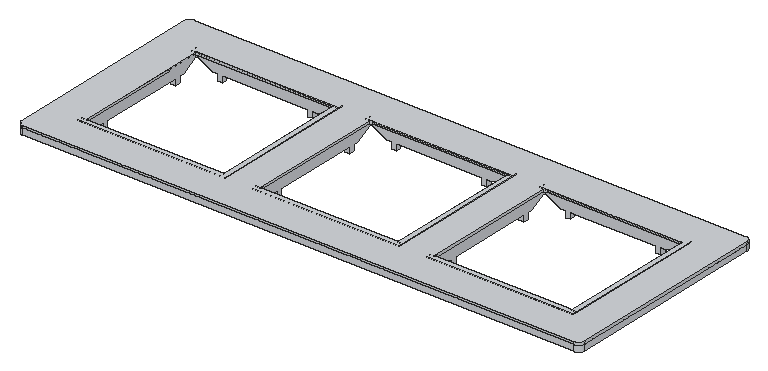
Revit family "Gira_0213255", category Electrical Fixtures, host Face, Revit 2017
Family settings
  Host = Face
  Maintain Annotation Orientation = No
  Round Connector Dimension = Use Diameter
  Part Type = Normal
  Cut with Voids When Loaded = No
  Shared = No
  Room Calculation Point = No
Parameters (values of type "Abdeckrahmen 3f flach Gira E2 F Alu")
  Werkstoffgüte = "Thermoplast"
  Werkstoff = "Kunststoff"
  URL = "http://katalog.gira.de/de_DE/datenblatt.html?artikelnr=0213255"
  Transparent = "No"
  Textfeld/Beschriftungsfläche = "No"
  Schutzart (IP) = "IP20"
  Region = "DE"
  Oberfläche = "sonstige"
  Name = "Abdeckrahmen 3f flach Gira E2 F Alu"
  Montagerichtung = "horizontal und vertikal"
  Mit Montagerahmen = "No"
  Mit Klappdeckel = "No"
  Manufacturer URL = "https://www.gira.de/"
  Keynote = "E2flach_Rahmen_3fach"
  HeinzeBIM = "https://bimportal.heinze.de/bim/abdeckrahmen-3f-flach-gira-e2-f-alu/db02cde6c232a313a15708f2c49dc98c94343f27"
  Halogenfrei = "Yes"
  HAN = "0213255"
  Geeignet für Unterputz-Installation = "Yes"
  Geeignet für Unterflurkanaldose = "No"
  Geeignet für Geräteeinbaukanal = "No"
  Geeignet für Einbauinstallation = "No"
  GTIN = "4010337021414"
  Farbe = "aluminium"
  Default Elevation = 1219.2 mm
  Data sheet (1) = "https://katalog.gira.de/de_DE/download.html?artikelnr=0213255"
  Category = "Abdeckrahmen"
  Befestigungsart = "Klemmbefestigung"
  Available = "Yes"
  Anzahl der Einheiten vertikal = "3 "
  Anzahl der Einheiten horizontal = "3 "
  Anzahl der Einheiten = "3 "
Reference planes
  plane 1 "Center (Front/Back)": y = 0
  plane 2: z = 0
  plane 3 "Center (Left/Right)": x = 0
Forms (mm)
  Extrusion 1, solid, detail levels fine
    sketch origin (0, 0, 0) x (1, 0, 0) y (0, 1, 0)
      loop
        arc (-112.6, 43.9) -> (-114.368, 43.168) -> (-115.1, 41.4) r 2.5
        line (-115.1, 41.4) -> (-115.1, -41.4)
        arc (-115.1, -41.4) -> (-114.368, -43.168) -> (-112.6, -43.9) r 2.5
        line (-112.6, -43.9) -> (112.6, -43.9)
        arc (112.6, -43.9) -> (114.368, -43.168) -> (115.1, -41.4) r 2.5
        line (115.1, -41.4) -> (115.1, 41.4)
        arc (115.1, 41.4) -> (114.368, 43.168) -> (112.6, 43.9) r 2.5
        line (112.6, 43.9) -> (-112.6, 43.9)
      loop
        spline (-99.344, -27.245) -> (-99.336, -27.363) -> (-99.313, -27.478) -> (-99.275, -27.589) -> (-99.223, -27.695) -> (-99.158, -27.792) -> (-99.081, -27.881) -> (-98.992, -27.958) -> (-98.895, -28.023) -> (-98.789, -28.075) -> (-98.678, -28.113) -> (-98.563, -28.136) -> (-98.445, -28.144)
        line (-98.445, -28.144) -> (-43.955, -28.144)
        spline (-43.955, -28.144) -> (-43.837, -28.136) -> (-43.722, -28.113) -> (-43.611, -28.075) -> (-43.505, -28.023) -> (-43.408, -27.958) -> (-43.319, -27.881) -> (-43.242, -27.792) -> (-43.177, -27.695) -> (-43.125, -27.589) -> (-43.087, -27.478) -> (-43.064, -27.363) -> (-43.056, -27.245)
        line (-43.056, -27.245) -> (-43.056, 27.245)
        spline (-43.056, 27.245) -> (-43.064, 27.363) -> (-43.087, 27.478) -> (-43.125, 27.589) -> (-43.177, 27.695) -> (-43.242, 27.792) -> (-43.319, 27.881) -> (-43.408, 27.958) -> (-43.505, 28.023) -> (-43.611, 28.075) -> (-43.722, 28.113) -> (-43.837, 28.136) -> (-43.955, 28.144)
        line (-43.955, 28.144) -> (-98.445, 28.144)
        spline (-98.445, 28.144) -> (-98.563, 28.136) -> (-98.678, 28.113) -> (-98.789, 28.075) -> (-98.895, 28.023) -> (-98.992, 27.958) -> (-99.081, 27.881) -> (-99.158, 27.792) -> (-99.223, 27.695) -> (-99.275, 27.589) -> (-99.313, 27.478) -> (-99.336, 27.363) -> (-99.344, 27.245)
        line (-99.344, 27.245) -> (-99.344, -27.245)
      loop
        spline (98.445, -28.144) -> (98.563, -28.136) -> (98.678, -28.113) -> (98.789, -28.075) -> (98.895, -28.023) -> (98.992, -27.958) -> (99.081, -27.881) -> (99.158, -27.792) -> (99.223, -27.695) -> (99.275, -27.589) -> (99.313, -27.478) -> (99.336, -27.363) -> (99.344, -27.245)
        line (99.344, -27.245) -> (99.344, 27.245)
        spline (99.344, 27.245) -> (99.336, 27.363) -> (99.313, 27.478) -> (99.275, 27.589) -> (99.223, 27.695) -> (99.158, 27.792) -> (99.081, 27.881) -> (98.992, 27.958) -> (98.895, 28.023) -> (98.789, 28.075) -> (98.678, 28.113) -> (98.563, 28.136) -> (98.445, 28.144)
        line (98.445, 28.144) -> (43.955, 28.144)
        spline (43.955, 28.144) -> (43.837, 28.136) -> (43.722, 28.113) -> (43.611, 28.075) -> (43.505, 28.023) -> (43.408, 27.958) -> (43.319, 27.881) -> (43.242, 27.792) -> (43.177, 27.695) -> (43.125, 27.589) -> (43.087, 27.478) -> (43.064, 27.363) -> (43.056, 27.245)
        line (43.056, 27.245) -> (43.056, -27.245)
        spline (43.056, -27.245) -> (43.064, -27.363) -> (43.087, -27.478) -> (43.125, -27.589) -> (43.177, -27.695) -> (43.242, -27.792) -> (43.319, -27.881) -> (43.408, -27.958) -> (43.505, -28.023) -> (43.611, -28.075) -> (43.722, -28.113) -> (43.837, -28.136) -> (43.955, -28.144)
        line (43.955, -28.144) -> (98.445, -28.144)
      loop
        spline (-28.144, -27.245) -> (-28.136, -27.363) -> (-28.113, -27.478) -> (-28.075, -27.589) -> (-28.023, -27.695) -> (-27.958, -27.792) -> (-27.881, -27.881) -> (-27.792, -27.958) -> (-27.695, -28.023) -> (-27.589, -28.075) -> (-27.478, -28.113) -> (-27.363, -28.136) -> (-27.245, -28.144)
        line (-27.245, -28.144) -> (27.245, -28.144)
        spline (27.245, -28.144) -> (27.363, -28.136) -> (27.478, -28.113) -> (27.589, -28.075) -> (27.695, -28.023) -> (27.792, -27.958) -> (27.881, -27.881) -> (27.958, -27.792) -> (28.023, -27.695) -> (28.075, -27.589) -> (28.113, -27.478) -> (28.136, -27.363) -> (28.144, -27.245)
        line (28.144, -27.245) -> (28.144, 27.245)
        spline (28.144, 27.245) -> (28.136, 27.363) -> (28.113, 27.478) -> (28.075, 27.589) -> (28.023, 27.695) -> (27.958, 27.792) -> (27.881, 27.881) -> (27.792, 27.958) -> (27.695, 28.023) -> (27.589, 28.075) -> (27.478, 28.113) -> (27.363, 28.136) -> (27.245, 28.144)
        line (27.245, 28.144) -> (-27.245, 28.144)
        spline (-27.245, 28.144) -> (-27.363, 28.136) -> (-27.478, 28.113) -> (-27.589, 28.075) -> (-27.695, 28.023) -> (-27.792, 27.958) -> (-27.881, 27.881) -> (-27.958, 27.792) -> (-28.023, 27.695) -> (-28.075, 27.589) -> (-28.113, 27.478) -> (-28.136, 27.363) -> (-28.144, 27.245)
        line (-28.144, 27.245) -> (-28.144, -27.245)
    from 2.5 to 3.4
  Extrusion 2, solid, detail levels fine
    sketch origin (0, 0, 0) x (1, 0, 0) y (0, 1, 0)
      loop
        arc (-112.6, 43.9) -> (-114.368, 43.168) -> (-115.1, 41.4) r 2.5
        line (-115.1, 41.4) -> (-115.1, -41.4)
        arc (-115.1, -41.4) -> (-114.368, -43.168) -> (-112.6, -43.9) r 2.5
        line (-112.6, -43.9) -> (112.6, -43.9)
        arc (112.6, -43.9) -> (114.368, -43.168) -> (115.1, -41.4) r 2.5
        line (115.1, -41.4) -> (115.1, 41.4)
        arc (115.1, 41.4) -> (114.368, 43.168) -> (112.6, 43.9) r 2.5
        line (112.6, 43.9) -> (-112.6, 43.9)
      loop
        arc (-112.6, 43.4) -> (-114.014, 42.814) -> (-114.6, 41.4) r 2
        line (-114.6, 41.4) -> (-114.6, -41.4)
        arc (-114.6, -41.4) -> (-114.014, -42.814) -> (-112.6, -43.4) r 2
        line (-112.6, -43.4) -> (112.6, -43.4)
        arc (112.6, -43.4) -> (114.014, -42.814) -> (114.6, -41.4) r 2
        line (114.6, -41.4) -> (114.6, 41.4)
        arc (114.6, 41.4) -> (114.014, 42.814) -> (112.6, 43.4) r 2
        line (112.6, 43.4) -> (-112.6, 43.4)
    from 0 to 2.5
  Extrusion 3, solid, detail levels fine
    sketch origin (-71.2, 0, 0) x (1, 0, 0) y (0, 0, 1)
      loop
        line (-17.5, -4.06) -> (-17.5, -1.56) -> (17.5, -1.56) -> (17.5, -4.06) -> (19.5, -4.06) -> (19.5, -1.56) -> (21.654, -1.56) -> (27.214, 1.65) -> (30, 1.65) -> (30, 3.4) -> (-30, 3.4) -> (-30, 1.65) -> (-27.214, 1.65) -> (-21.654, -1.56) -> (-19.5, -1.56) -> (-19.5, -4.06) -> (-17.5, -4.06)
    from 28.144 to 30
  Extrusion 4, solid, detail levels fine
    sketch origin (-71.2, 0, 0) x (0, -1, 0) y (0, 0, -1)
      loop
        line (-17.5, 4.06) -> (-19.5, 4.06) -> (-19.5, 1.56) -> (-21.654, 1.56) -> (-27.214, -1.65) -> (-28.144, -1.65) -> (-28.144, -3.4) -> (28.144, -3.4) -> (28.144, -1.65) -> (27.214, -1.65) -> (21.654, 1.56) -> (19.5, 1.56) -> (19.5, 4.06) -> (17.5, 4.06) -> (17.5, 1.56) -> (-17.5, 1.56) -> (-17.5, 4.06)
    from 28.144 to 30
  Extrusion 5, solid, detail levels medium
    sketch origin (-71.2, 0, 0) x (0, -1, 0) y (0, 0, 1)
      loop
        line (-17.5, -4.06) -> (-17.5, -1.56) -> (17.5, -1.56) -> (17.5, -4.06) -> (19.5, -4.06) -> (19.5, -1.56) -> (28.144, -1.56) -> (28.144, 3.4) -> (-28.144, 3.4) -> (-28.144, -1.56) -> (-19.5, -1.56) -> (-19.5, -4.06) -> (-17.5, -4.06)
    from 28.144 to 30
  Extrusion 6, solid, detail levels fine
    sketch origin (-71.2, 0, 0) x (1, 0, 0) y (0, 0, -1)
      loop
        line (-17.5, 4.06) -> (-19.5, 4.06) -> (-19.5, 1.56) -> (-21.654, 1.56) -> (-27.214, -1.65) -> (-30, -1.65) -> (-30, -3.4) -> (30, -3.4) -> (30, -1.65) -> (27.214, -1.65) -> (21.654, 1.56) -> (19.5, 1.56) -> (19.5, 4.06) -> (17.5, 4.06) -> (17.5, 1.56) -> (-17.5, 1.56) -> (-17.5, 4.06)
    from 28.144 to 30
  Extrusion 7, solid, detail levels coarse
    sketch origin (0, 0, 0) x (1, 0, 0) y (0, 1, 0)
      loop
        line (-115.1, 43.9) -> (-115.1, -43.9) -> (115.1, -43.9) -> (115.1, 43.9) -> (-115.1, 43.9)
    from -4.06 to 3.4
  Extrusion 8, solid, detail levels medium
    sketch origin (0, 0, 0) x (1, 0, 0) y (0, 1, 0)
      loop
        line (-115.1, 43.9) -> (-115.1, -43.9) -> (115.1, -43.9) -> (115.1, 43.9) -> (-115.1, 43.9)
    from 0 to 3.4
  Extrusion 9, solid, detail levels medium
    sketch origin (-71.2, 0, 0) x (1, 0, 0) y (0, 0, 1)
      loop
        line (-17.5, -4.06) -> (-17.5, -1.56) -> (17.5, -1.56) -> (17.5, -4.06) -> (19.5, -4.06) -> (19.5, -1.56) -> (30, -1.56) -> (30, 3.4) -> (-30, 3.4) -> (-30, -1.56) -> (-19.5, -1.56) -> (-19.5, -4.06) -> (-17.5, -4.06)
    from 28.144 to 30
  Extrusion 10, solid, detail levels medium
    sketch origin (-71.2, 0, 0) x (1, 0, 0) y (0, 0, -1)
      loop
        line (-17.5, 4.06) -> (-19.5, 4.06) -> (-19.5, 1.56) -> (-30, 1.56) -> (-30, -3.4) -> (30, -3.4) -> (30, 1.56) -> (19.5, 1.56) -> (19.5, 4.06) -> (17.5, 4.06) -> (17.5, 1.56) -> (-17.5, 1.56) -> (-17.5, 4.06)
    from 28.144 to 30
  Extrusion 11, solid, detail levels medium
    sketch origin (-71.2, 0, 0) x (0, -1, 0) y (0, 0, -1)
      loop
        line (-17.5, 4.06) -> (-19.5, 4.06) -> (-19.5, 1.56) -> (-28.144, 1.56) -> (-28.144, -3.4) -> (28.144, -3.4) -> (28.144, 1.56) -> (19.5, 1.56) -> (19.5, 4.06) -> (17.5, 4.06) -> (17.5, 1.56) -> (-17.5, 1.56) -> (-17.5, 4.06)
    from 28.144 to 30
  Extrusion 12, solid, detail levels fine
    sketch origin (71.2, 0, 0) x (-1, 0, 0) y (0, 0, -1)
      loop
        line (-17.5, 4.06) -> (-19.5, 4.06) -> (-19.5, 1.56) -> (-21.654, 1.56) -> (-27.214, -1.65) -> (-30, -1.65) -> (-30, -3.4) -> (30, -3.4) -> (30, -1.65) -> (27.214, -1.65) -> (21.654, 1.56) -> (19.5, 1.56) -> (19.5, 4.06) -> (17.5, 4.06) -> (17.5, 1.56) -> (-17.5, 1.56) -> (-17.5, 4.06)
    from 28.144 to 30
  Extrusion 13, solid, detail levels fine
    sketch origin (71.2, 0, 0) x (0, -1, 0) y (0, 0, 1)
      loop
        line (-17.5, -4.06) -> (-17.5, -1.56) -> (17.5, -1.56) -> (17.5, -4.06) -> (19.5, -4.06) -> (19.5, -1.56) -> (21.654, -1.56) -> (27.214, 1.65) -> (28.144, 1.65) -> (28.144, 3.4) -> (-28.144, 3.4) -> (-28.144, 1.65) -> (-27.214, 1.65) -> (-21.654, -1.56) -> (-19.5, -1.56) -> (-19.5, -4.06) -> (-17.5, -4.06)
    from 28.144 to 30
  Extrusion 14, solid, detail levels medium
    sketch origin (71.2, 0, 0) x (0, -1, 0) y (0, 0, -1)
      loop
        line (-17.5, 4.06) -> (-19.5, 4.06) -> (-19.5, 1.56) -> (-28.144, 1.56) -> (-28.144, -3.4) -> (28.144, -3.4) -> (28.144, 1.56) -> (19.5, 1.56) -> (19.5, 4.06) -> (17.5, 4.06) -> (17.5, 1.56) -> (-17.5, 1.56) -> (-17.5, 4.06)
    from 28.144 to 30
  Extrusion 15, solid, detail levels fine
    sketch origin (71.2, 0, 0) x (-1, 0, 0) y (0, 0, 1)
      loop
        line (-17.5, -4.06) -> (-17.5, -1.56) -> (17.5, -1.56) -> (17.5, -4.06) -> (19.5, -4.06) -> (19.5, -1.56) -> (21.654, -1.56) -> (27.214, 1.65) -> (30, 1.65) -> (30, 3.4) -> (-30, 3.4) -> (-30, 1.65) -> (-27.214, 1.65) -> (-21.654, -1.56) -> (-19.5, -1.56) -> (-19.5, -4.06) -> (-17.5, -4.06)
    from 28.144 to 30
  Extrusion 16, solid, detail levels medium
    sketch origin (71.2, 0, 0) x (-1, 0, 0) y (0, 0, -1)
      loop
        line (-17.5, 4.06) -> (-19.5, 4.06) -> (-19.5, 1.56) -> (-30, 1.56) -> (-30, -3.4) -> (30, -3.4) -> (30, 1.56) -> (19.5, 1.56) -> (19.5, 4.06) -> (17.5, 4.06) -> (17.5, 1.56) -> (-17.5, 1.56) -> (-17.5, 4.06)
    from 28.144 to 30
  Extrusion 17, solid, detail levels medium
    sketch origin (71.2, 0, 0) x (-1, 0, 0) y (0, 0, 1)
      loop
        line (-17.5, -4.06) -> (-17.5, -1.56) -> (17.5, -1.56) -> (17.5, -4.06) -> (19.5, -4.06) -> (19.5, -1.56) -> (30, -1.56) -> (30, 3.4) -> (-30, 3.4) -> (-30, -1.56) -> (-19.5, -1.56) -> (-19.5, -4.06) -> (-17.5, -4.06)
    from 28.144 to 30
  Extrusion 18, solid, detail levels medium
    sketch origin (71.2, 0, 0) x (0, -1, 0) y (0, 0, 1)
      loop
        line (-17.5, -4.06) -> (-17.5, -1.56) -> (17.5, -1.56) -> (17.5, -4.06) -> (19.5, -4.06) -> (19.5, -1.56) -> (28.144, -1.56) -> (28.144, 3.4) -> (-28.144, 3.4) -> (-28.144, -1.56) -> (-19.5, -1.56) -> (-19.5, -4.06) -> (-17.5, -4.06)
    from 28.144 to 30
  Extrusion 19, solid, detail levels fine
    sketch origin (-129.344, 0, 0) x (0, -1, 0) y (0, 0, -1)
      loop
        line (-17.5, 4.06) -> (-19.5, 4.06) -> (-19.5, 1.56) -> (-21.654, 1.56) -> (-27.214, -1.65) -> (-28.144, -1.65) -> (-28.144, -3.4) -> (28.144, -3.4) -> (28.144, -1.65) -> (27.214, -1.65) -> (21.654, 1.56) -> (19.5, 1.56) -> (19.5, 4.06) -> (17.5, 4.06) -> (17.5, 1.56) -> (-17.5, 1.56) -> (-17.5, 4.06)
    from 28.144 to 30
  Extrusion 20, solid, detail levels fine
    sketch origin (129.344, 0, 0) x (0, -1, 0) y (0, 0, 1)
      loop
        line (-17.5, -4.06) -> (-17.5, -1.56) -> (17.5, -1.56) -> (17.5, -4.06) -> (19.5, -4.06) -> (19.5, -1.56) -> (21.654, -1.56) -> (27.214, 1.65) -> (28.144, 1.65) -> (28.144, 3.4) -> (-28.144, 3.4) -> (-28.144, 1.65) -> (-27.214, 1.65) -> (-21.654, -1.56) -> (-19.5, -1.56) -> (-19.5, -4.06) -> (-17.5, -4.06)
    from 28.144 to 30
  Extrusion 21, solid, detail levels fine
    sketch origin (0, 0, 0) x (-1, 0, 0) y (0, 0, -1)
      loop
        line (-17.5, 4.06) -> (-19.5, 4.06) -> (-19.5, 1.56) -> (-21.654, 1.56) -> (-27.214, -1.65) -> (-30, -1.65) -> (-30, -3.4) -> (30, -3.4) -> (30, -1.65) -> (27.214, -1.65) -> (21.654, 1.56) -> (19.5, 1.56) -> (19.5, 4.06) -> (17.5, 4.06) -> (17.5, 1.56) -> (-17.5, 1.56) -> (-17.5, 4.06)
    from 28.144 to 30
  Extrusion 22, solid, detail levels fine
    sketch origin (0, 0, 0) x (0, -1, 0) y (0, 0, 1)
      loop
        line (-17.5, -4.06) -> (-17.5, -1.56) -> (17.5, -1.56) -> (17.5, -4.06) -> (19.5, -4.06) -> (19.5, -1.56) -> (21.654, -1.56) -> (27.214, 1.65) -> (28.144, 1.65) -> (28.144, 3.4) -> (-28.144, 3.4) -> (-28.144, 1.65) -> (-27.214, 1.65) -> (-21.654, -1.56) -> (-19.5, -1.56) -> (-19.5, -4.06) -> (-17.5, -4.06)
    from 28.144 to 30
  Extrusion 23, solid, detail levels medium
    sketch origin (0, 0, 0) x (0, -1, 0) y (0, 0, -1)
      loop
        line (-17.5, 4.06) -> (-19.5, 4.06) -> (-19.5, 1.56) -> (-28.144, 1.56) -> (-28.144, -3.4) -> (28.144, -3.4) -> (28.144, 1.56) -> (19.5, 1.56) -> (19.5, 4.06) -> (17.5, 4.06) -> (17.5, 1.56) -> (-17.5, 1.56) -> (-17.5, 4.06)
    from 28.144 to 30
  Extrusion 24, solid, detail levels fine
    sketch origin (0, 0, 0) x (-1, 0, 0) y (0, 0, 1)
      loop
        line (-17.5, -4.06) -> (-17.5, -1.56) -> (17.5, -1.56) -> (17.5, -4.06) -> (19.5, -4.06) -> (19.5, -1.56) -> (21.654, -1.56) -> (27.214, 1.65) -> (30, 1.65) -> (30, 3.4) -> (-30, 3.4) -> (-30, 1.65) -> (-27.214, 1.65) -> (-21.654, -1.56) -> (-19.5, -1.56) -> (-19.5, -4.06) -> (-17.5, -4.06)
    from 28.144 to 30
  Extrusion 25, solid, detail levels medium
    sketch origin (0, 0, 0) x (-1, 0, 0) y (0, 0, -1)
      loop
        line (-17.5, 4.06) -> (-19.5, 4.06) -> (-19.5, 1.56) -> (-30, 1.56) -> (-30, -3.4) -> (30, -3.4) -> (30, 1.56) -> (19.5, 1.56) -> (19.5, 4.06) -> (17.5, 4.06) -> (17.5, 1.56) -> (-17.5, 1.56) -> (-17.5, 4.06)
    from 28.144 to 30
  Extrusion 26, solid, detail levels medium
    sketch origin (0, 0, 0) x (-1, 0, 0) y (0, 0, 1)
      loop
        line (-17.5, -4.06) -> (-17.5, -1.56) -> (17.5, -1.56) -> (17.5, -4.06) -> (19.5, -4.06) -> (19.5, -1.56) -> (30, -1.56) -> (30, 3.4) -> (-30, 3.4) -> (-30, -1.56) -> (-19.5, -1.56) -> (-19.5, -4.06) -> (-17.5, -4.06)
    from 28.144 to 30
  Extrusion 27, solid, detail levels medium
    sketch origin (0, 0, 0) x (0, -1, 0) y (0, 0, 1)
      loop
        line (-17.5, -4.06) -> (-17.5, -1.56) -> (17.5, -1.56) -> (17.5, -4.06) -> (19.5, -4.06) -> (19.5, -1.56) -> (28.144, -1.56) -> (28.144, 3.4) -> (-28.144, 3.4) -> (-28.144, -1.56) -> (-19.5, -1.56) -> (-19.5, -4.06) -> (-17.5, -4.06)
    from 28.144 to 30
  Extrusion 28, solid, detail levels fine
    sketch origin (58.144, 0, 0) x (0, -1, 0) y (0, 0, 1)
      loop
        line (-17.5, -4.06) -> (-17.5, -1.56) -> (17.5, -1.56) -> (17.5, -4.06) -> (19.5, -4.06) -> (19.5, -1.56) -> (21.654, -1.56) -> (27.214, 1.65) -> (28.144, 1.65) -> (28.144, 3.4) -> (-28.144, 3.4) -> (-28.144, 1.65) -> (-27.214, 1.65) -> (-21.654, -1.56) -> (-19.5, -1.56) -> (-19.5, -4.06) -> (-17.5, -4.06)
    from 28.144 to 30
Dimensions and locks
  aligned and locked: plane 2 to host face
  aligned and locked: level to host face
